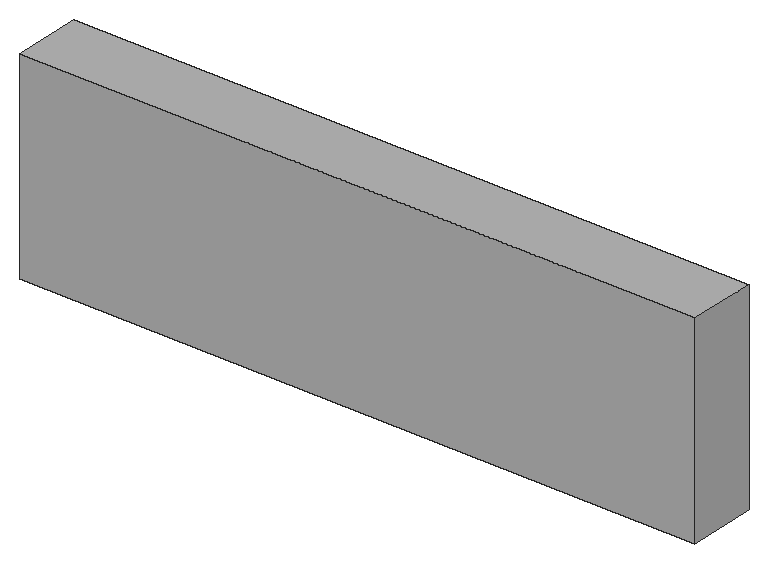
Revit family "100W x 300H R.C. Beam", category Generic Models, Revit 2020
Family settings
  Can host rebar = No
  Round Connector Dimension = Use Diameter
  Part Type = Normal
  Work Plane-Based = No
  Always vertical = Yes
  Cut with Voids When Loaded = No
  Shared = No
  Room Calculation Point = No
Parameters
  Weight = "72Kg/m"
  Warranty Guarantor Parts = "n/a"
  Warranty Guarantor Labour = "n/a"
  Warranty Duration Unit = "n/a"
  Warranty Duration Parts = "n/a"
  Warranty Duration Labour = "n/a"
  Warranty Description = "n/a"
  URL = "www.killeshal.com"
  Types = "Single"
  Type Comments = "Visit our website for a full list of available products."
  Sustainability Performance = "n/a"
  Structural Class = "n/a"
  Span = "Beam Length"
  Slope = "0.00°"
  Size = "100mm x 300mm"
  Shape = "Rectangular"
  Service Life = "0.000000"
  Serial Number = "n/a"
  Resistance to Fire = "Method 3. Design specification."
  Replacement Cost = "n/a"
  Reference = "n/a"
  Notified Body = "National Standards Authority of Ireland (NSAI)."
  Nominal Cover to Main Bar = "40mm"
  Model = "L/291 Concrete Beam"
  Mechanical Resistance = "Method 3. Design specification."
  Manufacturer = "Killeshal Precast Concrete Ltd."
  Load Bearing = yes
  Life Cycle Environmental Load = "n/a"
  Length Options = "All sizes available on request."
  Keynote = "The information contained is the sole property of KPC Ltd., any reproduction in part or whole without permission of KPC Ltd. is prohibited."
  Environmental Product Declaration = "n/a"
  Environmental Class = "n/a"
  Durability against Corrosion = "Design specification and critical dimensions as per product drawings."
  Dimension Accuracy Class = "I.S. EN 13225:2013"
  Detailing = "As per design specification and product drawings."
  Description = "100W x 300H R.C. Beam"
  Default Elevation = 0 mm
  Dangerous Substances = "No Exposure."
  Contact Tel = "0035357 9353018"
  Contact Email = "sales@killeshal.com"
  Construction Type = "Precast"
  Construction Tolerance Class = "I.S. EN 13225:2013"
  Compressive Strength of Concrete = "40N/mm²"
  Characteristics of Reinforcing Steel = "Ultimate Tensile Strength (UTS) 650Mpa. Tensile Yield Strength: 500Mpa."
  Characteristics Deflection Under Load = "Dependant on Length."
  Beam Width [instance] = 100 mm
  Beam Length [instance] = 1000 mm
  Beam Height [instance] = 300 mm
Reference planes
  plane 1 "Center (Front/Back)": y = 0
  plane 2: z = 0
  plane 3 "Center (Left/Right)": x = 0
  plane 4 "Rear": y = 50
  plane 5 "Front": y = -50
  plane 6 "Top": z = 300
Forms (mm)
  Extrusion 1, solid, material "Precast Concrete (KPC)"
    sketch origin (0, 0, 0) x (0, 1, 0) y (0, 0, 1)
      loop
        line (50, 0) -> (50, 300) -> (-50, 300) -> (-50, 0) -> (50, 0)
    from 0 to 1000
Dimensions and locks
  "Beam Height": Extrusion 1 to Extrusion 1
  "Beam Length": Extrusion 1 to Extrusion 1
  "Beam Width": Extrusion 1 to Extrusion 1
  aligned and locked: level to plane 2
Automatic sketch dimensions
  Extrusion 1 sketch curve to level = 0 mm
  Extrusion 1 sketch curve to plane 5 "Front" = 0 mm
  Extrusion 1 sketch curve to plane 4 "Rear" = 0 mm
  Extrusion 1 sketch curve to plane 6 "Top" = 0 mm
